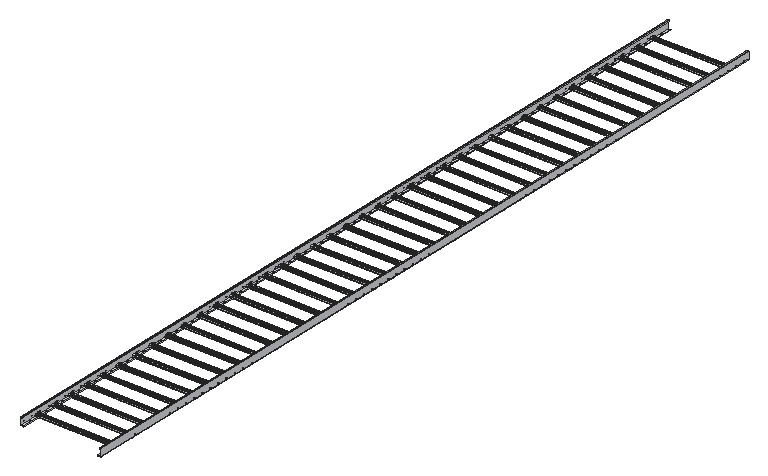
Revit family "Kabelleiter LG 60, 6 m VS FT", category Generic Models, Revit 2017 (continued)
Forms (mm)
  Extrusion 1010, void
    sketch origin (360, 5700, 0) x (1, 0, 0) y (0, 1, 0)
      loop
        line (53.5, 158.5) -> (53.5, 141.5) -> (64.5, 141.5) -> (64.5, 158.5) -> (53.5, 158.5)
    from 1.5 to 3
  Extrusion 1011, void
    sketch origin (360, 300, 0) x (1, 0, 0) y (0, 1, 0)
      loop
        line (75.5, 158.5) -> (75.5, 141.5) -> (82.5, 141.5) -> (82.5, 158.5) -> (75.5, 158.5)
    from 0 to 3
  Extrusion 1012, void
    sketch origin (360, 450, 0) x (1, 0, 0) y (0, 1, 0)
      loop
        line (75.5, 158.5) -> (75.5, 141.5) -> (82.5, 141.5) -> (82.5, 158.5) -> (75.5, 158.5)
    from 0 to 3
  Extrusion 1013, void
    sketch origin (360, 600, 0) x (1, 0, 0) y (0, 1, 0)
      loop
        line (75.5, 158.5) -> (75.5, 141.5) -> (82.5, 141.5) -> (82.5, 158.5) -> (75.5, 158.5)
    from 0 to 3
  Extrusion 1014, void
    sketch origin (360, 750, 0) x (1, 0, 0) y (0, 1, 0)
      loop
        line (75.5, 158.5) -> (75.5, 141.5) -> (82.5, 141.5) -> (82.5, 158.5) -> (75.5, 158.5)
    from 0 to 3
  Extrusion 1015, void
    sketch origin (360, 900, 0) x (1, 0, 0) y (0, 1, 0)
      loop
        line (75.5, 158.5) -> (75.5, 141.5) -> (82.5, 141.5) -> (82.5, 158.5) -> (75.5, 158.5)
    from 0 to 3
  Extrusion 1016, void
    sketch origin (360, 1050, 0) x (1, 0, 0) y (0, 1, 0)
      loop
        line (75.5, 158.5) -> (75.5, 141.5) -> (82.5, 141.5) -> (82.5, 158.5) -> (75.5, 158.5)
    from 0 to 3
  Extrusion 1017, void
    sketch origin (360, 1200, 0) x (1, 0, 0) y (0, 1, 0)
      loop
        line (75.5, 158.5) -> (75.5, 141.5) -> (82.5, 141.5) -> (82.5, 158.5) -> (75.5, 158.5)
    from 0 to 3
  Extrusion 1018, void
    sketch origin (360, 1350, 0) x (1, 0, 0) y (0, 1, 0)
      loop
        line (75.5, 158.5) -> (75.5, 141.5) -> (82.5, 141.5) -> (82.5, 158.5) -> (75.5, 158.5)
    from 0 to 3
  Extrusion 1019, void
    sketch origin (360, 1500, 0) x (1, 0, 0) y (0, 1, 0)
      loop
        line (75.5, 158.5) -> (75.5, 141.5) -> (82.5, 141.5) -> (82.5, 158.5) -> (75.5, 158.5)
    from 0 to 3
  Extrusion 1020, void
    sketch origin (360, 1650, 0) x (1, 0, 0) y (0, 1, 0)
      loop
        line (75.5, 158.5) -> (75.5, 141.5) -> (82.5, 141.5) -> (82.5, 158.5) -> (75.5, 158.5)
    from 0 to 3
  Extrusion 1021, void
    sketch origin (360, 1800, 0) x (1, 0, 0) y (0, 1, 0)
      loop
        line (75.5, 158.5) -> (75.5, 141.5) -> (82.5, 141.5) -> (82.5, 158.5) -> (75.5, 158.5)
    from 0 to 3
  Extrusion 1022, void
    sketch origin (360, 1950, 0) x (1, 0, 0) y (0, 1, 0)
      loop
        line (75.5, 158.5) -> (75.5, 141.5) -> (82.5, 141.5) -> (82.5, 158.5) -> (75.5, 158.5)
    from 0 to 3
  Extrusion 1023, void
    sketch origin (360, 2100, 0) x (1, 0, 0) y (0, 1, 0)
      loop
        line (75.5, 158.5) -> (75.5, 141.5) -> (82.5, 141.5) -> (82.5, 158.5) -> (75.5, 158.5)
    from 0 to 3
  Extrusion 1024, void
    sketch origin (360, 2250, 0) x (1, 0, 0) y (0, 1, 0)
      loop
        line (75.5, 158.5) -> (75.5, 141.5) -> (82.5, 141.5) -> (82.5, 158.5) -> (75.5, 158.5)
    from 0 to 3
  Extrusion 1025, void
    sketch origin (360, 2400, 0) x (1, 0, 0) y (0, 1, 0)
      loop
        line (75.5, 158.5) -> (75.5, 141.5) -> (82.5, 141.5) -> (82.5, 158.5) -> (75.5, 158.5)
    from 0 to 3
  Extrusion 1026, void
    sketch origin (360, 2550, 0) x (1, 0, 0) y (0, 1, 0)
      loop
        line (75.5, 158.5) -> (75.5, 141.5) -> (82.5, 141.5) -> (82.5, 158.5) -> (75.5, 158.5)
    from 0 to 3
  Extrusion 1027, void
    sketch origin (360, 2700, 0) x (1, 0, 0) y (0, 1, 0)
      loop
        line (75.5, 158.5) -> (75.5, 141.5) -> (82.5, 141.5) -> (82.5, 158.5) -> (75.5, 158.5)
    from 0 to 3
  Extrusion 1028, void
    sketch origin (360, 2850, 0) x (1, 0, 0) y (0, 1, 0)
      loop
        line (75.5, 158.5) -> (75.5, 141.5) -> (82.5, 141.5) -> (82.5, 158.5) -> (75.5, 158.5)
    from 0 to 3
  Extrusion 1029, void
    sketch origin (360, 3000, 0) x (1, 0, 0) y (0, 1, 0)
      loop
        line (75.5, 158.5) -> (75.5, 141.5) -> (82.5, 141.5) -> (82.5, 158.5) -> (75.5, 158.5)
    from 0 to 3
  Extrusion 1030, void
    sketch origin (360, 3150, 0) x (1, 0, 0) y (0, 1, 0)
      loop
        line (75.5, 158.5) -> (75.5, 141.5) -> (82.5, 141.5) -> (82.5, 158.5) -> (75.5, 158.5)
    from 0 to 3
  Extrusion 1031, void
    sketch origin (360, 3300, 0) x (1, 0, 0) y (0, 1, 0)
      loop
        line (75.5, 158.5) -> (75.5, 141.5) -> (82.5, 141.5) -> (82.5, 158.5) -> (75.5, 158.5)
    from 0 to 3
  Extrusion 1032, void
    sketch origin (360, 3450, 0) x (1, 0, 0) y (0, 1, 0)
      loop
        line (75.5, 158.5) -> (75.5, 141.5) -> (82.5, 141.5) -> (82.5, 158.5) -> (75.5, 158.5)
    from 0 to 3
  Extrusion 1033, void
    sketch origin (360, 3600, 0) x (1, 0, 0) y (0, 1, 0)
      loop
        line (75.5, 158.5) -> (75.5, 141.5) -> (82.5, 141.5) -> (82.5, 158.5) -> (75.5, 158.5)
    from 0 to 3
  Extrusion 1034, void
    sketch origin (360, 3750, 0) x (1, 0, 0) y (0, 1, 0)
      loop
        line (75.5, 158.5) -> (75.5, 141.5) -> (82.5, 141.5) -> (82.5, 158.5) -> (75.5, 158.5)
    from 0 to 3
  Extrusion 1035, void
    sketch origin (360, 3900, 0) x (1, 0, 0) y (0, 1, 0)
      loop
        line (75.5, 158.5) -> (75.5, 141.5) -> (82.5, 141.5) -> (82.5, 158.5) -> (75.5, 158.5)
    from 0 to 3
  Extrusion 1036, void
    sketch origin (360, 4050, 0) x (1, 0, 0) y (0, 1, 0)
      loop
        line (75.5, 158.5) -> (75.5, 141.5) -> (82.5, 141.5) -> (82.5, 158.5) -> (75.5, 158.5)
    from 0 to 3
  Extrusion 1037, void
    sketch origin (360, 4200, 0) x (1, 0, 0) y (0, 1, 0)
      loop
        line (75.5, 158.5) -> (75.5, 141.5) -> (82.5, 141.5) -> (82.5, 158.5) -> (75.5, 158.5)
    from 0 to 3
  Extrusion 1038, void
    sketch origin (360, 4350, 0) x (1, 0, 0) y (0, 1, 0)
      loop
        line (75.5, 158.5) -> (75.5, 141.5) -> (82.5, 141.5) -> (82.5, 158.5) -> (75.5, 158.5)
    from 0 to 3
  Extrusion 1039, void
    sketch origin (360, 4500, 0) x (1, 0, 0) y (0, 1, 0)
      loop
        line (75.5, 158.5) -> (75.5, 141.5) -> (82.5, 141.5) -> (82.5, 158.5) -> (75.5, 158.5)
    from 0 to 3
  Extrusion 1040, void
    sketch origin (360, 4650, 0) x (1, 0, 0) y (0, 1, 0)
      loop
        line (75.5, 158.5) -> (75.5, 141.5) -> (82.5, 141.5) -> (82.5, 158.5) -> (75.5, 158.5)
    from 0 to 3
  Extrusion 1041, void
    sketch origin (360, 4800, 0) x (1, 0, 0) y (0, 1, 0)
      loop
        line (75.5, 158.5) -> (75.5, 141.5) -> (82.5, 141.5) -> (82.5, 158.5) -> (75.5, 158.5)
    from 0 to 3
  Extrusion 1042, void
    sketch origin (360, 4950, 0) x (1, 0, 0) y (0, 1, 0)
      loop
        line (75.5, 158.5) -> (75.5, 141.5) -> (82.5, 141.5) -> (82.5, 158.5) -> (75.5, 158.5)
    from 0 to 3
  Extrusion 1043, void
    sketch origin (360, 5100, 0) x (1, 0, 0) y (0, 1, 0)
      loop
        line (75.5, 158.5) -> (75.5, 141.5) -> (82.5, 141.5) -> (82.5, 158.5) -> (75.5, 158.5)
    from 0 to 3
  Extrusion 1044, void
    sketch origin (360, 5250, 0) x (1, 0, 0) y (0, 1, 0)
      loop
        line (75.5, 158.5) -> (75.5, 141.5) -> (82.5, 141.5) -> (82.5, 158.5) -> (75.5, 158.5)
    from 0 to 3
  Extrusion 1045, void
    sketch origin (360, 5400, 0) x (1, 0, 0) y (0, 1, 0)
      loop
        line (75.5, 158.5) -> (75.5, 141.5) -> (82.5, 141.5) -> (82.5, 158.5) -> (75.5, 158.5)
    from 0 to 3
  Extrusion 1046, void
    sketch origin (360, 5550, 0) x (1, 0, 0) y (0, 1, 0)
      loop
        line (75.5, 158.5) -> (75.5, 141.5) -> (82.5, 141.5) -> (82.5, 158.5) -> (75.5, 158.5)
    from 0 to 3
  Extrusion 1047, void
    sketch origin (360, 5700, 0) x (1, 0, 0) y (0, 1, 0)
      loop
        line (75.5, 158.5) -> (75.5, 141.5) -> (82.5, 141.5) -> (82.5, 158.5) -> (75.5, 158.5)
    from 0 to 3
  Extrusion 1048, void
    sketch origin (400, 300, 0) x (1, 0, 0) y (0, 1, 0)
      loop
        line (53.5, 158.5) -> (53.5, 141.5) -> (64.5, 141.5) -> (64.5, 158.5) -> (53.5, 158.5)
    from 1.5 to 3
  Extrusion 1049, void
    sketch origin (400, 450, 0) x (1, 0, 0) y (0, 1, 0)
      loop
        line (53.5, 158.5) -> (53.5, 141.5) -> (64.5, 141.5) -> (64.5, 158.5) -> (53.5, 158.5)
    from 1.5 to 3
  Extrusion 1050, void
    sketch origin (400, 600, 0) x (1, 0, 0) y (0, 1, 0)
      loop
        line (53.5, 158.5) -> (53.5, 141.5) -> (64.5, 141.5) -> (64.5, 158.5) -> (53.5, 158.5)
    from 1.5 to 3
  Extrusion 1051, void
    sketch origin (400, 750, 0) x (1, 0, 0) y (0, 1, 0)
      loop
        line (53.5, 158.5) -> (53.5, 141.5) -> (64.5, 141.5) -> (64.5, 158.5) -> (53.5, 158.5)
    from 1.5 to 3
  Extrusion 1052, void
    sketch origin (400, 900, 0) x (1, 0, 0) y (0, 1, 0)
      loop
        line (53.5, 158.5) -> (53.5, 141.5) -> (64.5, 141.5) -> (64.5, 158.5) -> (53.5, 158.5)
    from 1.5 to 3
  Extrusion 1053, void
    sketch origin (400, 1050, 0) x (1, 0, 0) y (0, 1, 0)
      loop
        line (53.5, 158.5) -> (53.5, 141.5) -> (64.5, 141.5) -> (64.5, 158.5) -> (53.5, 158.5)
    from 1.5 to 3
  Extrusion 1054, void
    sketch origin (400, 1200, 0) x (1, 0, 0) y (0, 1, 0)
      loop
        line (53.5, 158.5) -> (53.5, 141.5) -> (64.5, 141.5) -> (64.5, 158.5) -> (53.5, 158.5)
    from 1.5 to 3
  Extrusion 1055, void
    sketch origin (400, 1350, 0) x (1, 0, 0) y (0, 1, 0)
      loop
        line (53.5, 158.5) -> (53.5, 141.5) -> (64.5, 141.5) -> (64.5, 158.5) -> (53.5, 158.5)
    from 1.5 to 3
  Extrusion 1056, void
    sketch origin (400, 1500, 0) x (1, 0, 0) y (0, 1, 0)
      loop
        line (53.5, 158.5) -> (53.5, 141.5) -> (64.5, 141.5) -> (64.5, 158.5) -> (53.5, 158.5)
    from 1.5 to 3
  Extrusion 1057, void
    sketch origin (400, 1650, 0) x (1, 0, 0) y (0, 1, 0)
      loop
        line (53.5, 158.5) -> (53.5, 141.5) -> (64.5, 141.5) -> (64.5, 158.5) -> (53.5, 158.5)
    from 1.5 to 3
  Extrusion 1058, void
    sketch origin (400, 1800, 0) x (1, 0, 0) y (0, 1, 0)
      loop
        line (53.5, 158.5) -> (53.5, 141.5) -> (64.5, 141.5) -> (64.5, 158.5) -> (53.5, 158.5)
    from 1.5 to 3
  Extrusion 1059, void
    sketch origin (400, 1950, 0) x (1, 0, 0) y (0, 1, 0)
      loop
        line (53.5, 158.5) -> (53.5, 141.5) -> (64.5, 141.5) -> (64.5, 158.5) -> (53.5, 158.5)
    from 1.5 to 3
  Extrusion 1060, void
    sketch origin (400, 2100, 0) x (1, 0, 0) y (0, 1, 0)
      loop
        line (53.5, 158.5) -> (53.5, 141.5) -> (64.5, 141.5) -> (64.5, 158.5) -> (53.5, 158.5)
    from 1.5 to 3
  Extrusion 1061, void
    sketch origin (400, 2250, 0) x (1, 0, 0) y (0, 1, 0)
      loop
        line (53.5, 158.5) -> (53.5, 141.5) -> (64.5, 141.5) -> (64.5, 158.5) -> (53.5, 158.5)
    from 1.5 to 3
  Extrusion 1062, void
    sketch origin (400, 2400, 0) x (1, 0, 0) y (0, 1, 0)
      loop
        line (53.5, 158.5) -> (53.5, 141.5) -> (64.5, 141.5) -> (64.5, 158.5) -> (53.5, 158.5)
    from 1.5 to 3
  Extrusion 1063, void
    sketch origin (400, 2550, 0) x (1, 0, 0) y (0, 1, 0)
      loop
        line (53.5, 158.5) -> (53.5, 141.5) -> (64.5, 141.5) -> (64.5, 158.5) -> (53.5, 158.5)
    from 1.5 to 3
  Extrusion 1064, void
    sketch origin (400, 2700, 0) x (1, 0, 0) y (0, 1, 0)
      loop
        line (53.5, 158.5) -> (53.5, 141.5) -> (64.5, 141.5) -> (64.5, 158.5) -> (53.5, 158.5)
    from 1.5 to 3
  Extrusion 1065, void
    sketch origin (400, 2850, 0) x (1, 0, 0) y (0, 1, 0)
      loop
        line (53.5, 158.5) -> (53.5, 141.5) -> (64.5, 141.5) -> (64.5, 158.5) -> (53.5, 158.5)
    from 1.5 to 3
  Extrusion 1066, void
    sketch origin (400, 3000, 0) x (1, 0, 0) y (0, 1, 0)
      loop
        line (53.5, 158.5) -> (53.5, 141.5) -> (64.5, 141.5) -> (64.5, 158.5) -> (53.5, 158.5)
    from 1.5 to 3
  Extrusion 1067, void
    sketch origin (400, 3150, 0) x (1, 0, 0) y (0, 1, 0)
      loop
        line (53.5, 158.5) -> (53.5, 141.5) -> (64.5, 141.5) -> (64.5, 158.5) -> (53.5, 158.5)
    from 1.5 to 3
  Extrusion 1068, void
    sketch origin (400, 3300, 0) x (1, 0, 0) y (0, 1, 0)
      loop
        line (53.5, 158.5) -> (53.5, 141.5) -> (64.5, 141.5) -> (64.5, 158.5) -> (53.5, 158.5)
    from 1.5 to 3
  Extrusion 1069, void
    sketch origin (400, 3450, 0) x (1, 0, 0) y (0, 1, 0)
      loop
        line (53.5, 158.5) -> (53.5, 141.5) -> (64.5, 141.5) -> (64.5, 158.5) -> (53.5, 158.5)
    from 1.5 to 3
  Extrusion 1070, void
    sketch origin (400, 3600, 0) x (1, 0, 0) y (0, 1, 0)
      loop
        line (53.5, 158.5) -> (53.5, 141.5) -> (64.5, 141.5) -> (64.5, 158.5) -> (53.5, 158.5)
    from 1.5 to 3
  Extrusion 1071, void
    sketch origin (400, 3750, 0) x (1, 0, 0) y (0, 1, 0)
      loop
        line (53.5, 158.5) -> (53.5, 141.5) -> (64.5, 141.5) -> (64.5, 158.5) -> (53.5, 158.5)
    from 1.5 to 3
  Extrusion 1072, void
    sketch origin (400, 3900, 0) x (1, 0, 0) y (0, 1, 0)
      loop
        line (53.5, 158.5) -> (53.5, 141.5) -> (64.5, 141.5) -> (64.5, 158.5) -> (53.5, 158.5)
    from 1.5 to 3
  Extrusion 1073, void
    sketch origin (400, 4050, 0) x (1, 0, 0) y (0, 1, 0)
      loop
        line (53.5, 158.5) -> (53.5, 141.5) -> (64.5, 141.5) -> (64.5, 158.5) -> (53.5, 158.5)
    from 1.5 to 3
  Extrusion 1074, void
    sketch origin (400, 4200, 0) x (1, 0, 0) y (0, 1, 0)
      loop
        line (53.5, 158.5) -> (53.5, 141.5) -> (64.5, 141.5) -> (64.5, 158.5) -> (53.5, 158.5)
    from 1.5 to 3
  Extrusion 1075, void
    sketch origin (400, 4350, 0) x (1, 0, 0) y (0, 1, 0)
      loop
        line (53.5, 158.5) -> (53.5, 141.5) -> (64.5, 141.5) -> (64.5, 158.5) -> (53.5, 158.5)
    from 1.5 to 3
  Extrusion 1076, void
    sketch origin (400, 4500, 0) x (1, 0, 0) y (0, 1, 0)
      loop
        line (53.5, 158.5) -> (53.5, 141.5) -> (64.5, 141.5) -> (64.5, 158.5) -> (53.5, 158.5)
    from 1.5 to 3
  Extrusion 1077, void
    sketch origin (400, 4650, 0) x (1, 0, 0) y (0, 1, 0)
      loop
        line (53.5, 158.5) -> (53.5, 141.5) -> (64.5, 141.5) -> (64.5, 158.5) -> (53.5, 158.5)
    from 1.5 to 3
  Extrusion 1078, void
    sketch origin (400, 4800, 0) x (1, 0, 0) y (0, 1, 0)
      loop
        line (53.5, 158.5) -> (53.5, 141.5) -> (64.5, 141.5) -> (64.5, 158.5) -> (53.5, 158.5)
    from 1.5 to 3
  Extrusion 1079, void
    sketch origin (400, 4950, 0) x (1, 0, 0) y (0, 1, 0)
      loop
        line (53.5, 158.5) -> (53.5, 141.5) -> (64.5, 141.5) -> (64.5, 158.5) -> (53.5, 158.5)
    from 1.5 to 3
  Extrusion 1080, void
    sketch origin (400, 5100, 0) x (1, 0, 0) y (0, 1, 0)
      loop
        line (53.5, 158.5) -> (53.5, 141.5) -> (64.5, 141.5) -> (64.5, 158.5) -> (53.5, 158.5)
    from 1.5 to 3
  Extrusion 1081, void
    sketch origin (400, 5250, 0) x (1, 0, 0) y (0, 1, 0)
      loop
        line (53.5, 158.5) -> (53.5, 141.5) -> (64.5, 141.5) -> (64.5, 158.5) -> (53.5, 158.5)
    from 1.5 to 3
  Extrusion 1082, void
    sketch origin (400, 5400, 0) x (1, 0, 0) y (0, 1, 0)
      loop
        line (53.5, 158.5) -> (53.5, 141.5) -> (64.5, 141.5) -> (64.5, 158.5) -> (53.5, 158.5)
    from 1.5 to 3
  Extrusion 1083, void
    sketch origin (400, 5550, 0) x (1, 0, 0) y (0, 1, 0)
      loop
        line (53.5, 158.5) -> (53.5, 141.5) -> (64.5, 141.5) -> (64.5, 158.5) -> (53.5, 158.5)
    from 1.5 to 3
  Extrusion 1084, void
    sketch origin (400, 5700, 0) x (1, 0, 0) y (0, 1, 0)
      loop
        line (53.5, 158.5) -> (53.5, 141.5) -> (64.5, 141.5) -> (64.5, 158.5) -> (53.5, 158.5)
    from 1.5 to 3
  Extrusion 1085, void
    sketch origin (400, 300, 0) x (1, 0, 0) y (0, 1, 0)
      loop
        line (75.5, 158.5) -> (75.5, 141.5) -> (82.5, 141.5) -> (82.5, 158.5) -> (75.5, 158.5)
    from 0 to 3
  Extrusion 1086, void
    sketch origin (400, 450, 0) x (1, 0, 0) y (0, 1, 0)
      loop
        line (75.5, 158.5) -> (75.5, 141.5) -> (82.5, 141.5) -> (82.5, 158.5) -> (75.5, 158.5)
    from 0 to 3
  Extrusion 1087, void
    sketch origin (400, 600, 0) x (1, 0, 0) y (0, 1, 0)
      loop
        line (75.5, 158.5) -> (75.5, 141.5) -> (82.5, 141.5) -> (82.5, 158.5) -> (75.5, 158.5)
    from 0 to 3
  Extrusion 1088, void
    sketch origin (400, 750, 0) x (1, 0, 0) y (0, 1, 0)
      loop
        line (75.5, 158.5) -> (75.5, 141.5) -> (82.5, 141.5) -> (82.5, 158.5) -> (75.5, 158.5)
    from 0 to 3
  Extrusion 1089, void
    sketch origin (400, 900, 0) x (1, 0, 0) y (0, 1, 0)
      loop
        line (75.5, 158.5) -> (75.5, 141.5) -> (82.5, 141.5) -> (82.5, 158.5) -> (75.5, 158.5)
    from 0 to 3
  Extrusion 1090, void
    sketch origin (400, 1050, 0) x (1, 0, 0) y (0, 1, 0)
      loop
        line (75.5, 158.5) -> (75.5, 141.5) -> (82.5, 141.5) -> (82.5, 158.5) -> (75.5, 158.5)
    from 0 to 3
  Extrusion 1091, void
    sketch origin (400, 1200, 0) x (1, 0, 0) y (0, 1, 0)
      loop
        line (75.5, 158.5) -> (75.5, 141.5) -> (82.5, 141.5) -> (82.5, 158.5) -> (75.5, 158.5)
    from 0 to 3
  Extrusion 1092, void
    sketch origin (400, 1350, 0) x (1, 0, 0) y (0, 1, 0)
      loop
        line (75.5, 158.5) -> (75.5, 141.5) -> (82.5, 141.5) -> (82.5, 158.5) -> (75.5, 158.5)
    from 0 to 3
  Extrusion 1093, void
    sketch origin (400, 1500, 0) x (1, 0, 0) y (0, 1, 0)
      loop
        line (75.5, 158.5) -> (75.5, 141.5) -> (82.5, 141.5) -> (82.5, 158.5) -> (75.5, 158.5)
    from 0 to 3
  Extrusion 1094, void
    sketch origin (400, 1650, 0) x (1, 0, 0) y (0, 1, 0)
      loop
        line (75.5, 158.5) -> (75.5, 141.5) -> (82.5, 141.5) -> (82.5, 158.5) -> (75.5, 158.5)
    from 0 to 3
  Extrusion 1095, void
    sketch origin (400, 1800, 0) x (1, 0, 0) y (0, 1, 0)
      loop
        line (75.5, 158.5) -> (75.5, 141.5) -> (82.5, 141.5) -> (82.5, 158.5) -> (75.5, 158.5)
    from 0 to 3
  Extrusion 1096, void
    sketch origin (400, 1950, 0) x (1, 0, 0) y (0, 1, 0)
      loop
        line (75.5, 158.5) -> (75.5, 141.5) -> (82.5, 141.5) -> (82.5, 158.5) -> (75.5, 158.5)
    from 0 to 3
  Extrusion 1097, void
    sketch origin (400, 2100, 0) x (1, 0, 0) y (0, 1, 0)
      loop
        line (75.5, 158.5) -> (75.5, 141.5) -> (82.5, 141.5) -> (82.5, 158.5) -> (75.5, 158.5)
    from 0 to 3
  Extrusion 1098, void
    sketch origin (400, 2250, 0) x (1, 0, 0) y (0, 1, 0)
      loop
        line (75.5, 158.5) -> (75.5, 141.5) -> (82.5, 141.5) -> (82.5, 158.5) -> (75.5, 158.5)
    from 0 to 3
  Extrusion 1099, void
    sketch origin (400, 2400, 0) x (1, 0, 0) y (0, 1, 0)
      loop
        line (75.5, 158.5) -> (75.5, 141.5) -> (82.5, 141.5) -> (82.5, 158.5) -> (75.5, 158.5)
    from 0 to 3
  Extrusion 1100, void
    sketch origin (400, 2550, 0) x (1, 0, 0) y (0, 1, 0)
      loop
        line (75.5, 158.5) -> (75.5, 141.5) -> (82.5, 141.5) -> (82.5, 158.5) -> (75.5, 158.5)
    from 0 to 3
  Extrusion 1101, void
    sketch origin (400, 2700, 0) x (1, 0, 0) y (0, 1, 0)
      loop
        line (75.5, 158.5) -> (75.5, 141.5) -> (82.5, 141.5) -> (82.5, 158.5) -> (75.5, 158.5)
    from 0 to 3
  Extrusion 1102, void
    sketch origin (400, 2850, 0) x (1, 0, 0) y (0, 1, 0)
      loop
        line (75.5, 158.5) -> (75.5, 141.5) -> (82.5, 141.5) -> (82.5, 158.5) -> (75.5, 158.5)
    from 0 to 3
  Extrusion 1103, void
    sketch origin (400, 3000, 0) x (1, 0, 0) y (0, 1, 0)
      loop
        line (75.5, 158.5) -> (75.5, 141.5) -> (82.5, 141.5) -> (82.5, 158.5) -> (75.5, 158.5)
    from 0 to 3
  Extrusion 1104, void
    sketch origin (400, 3150, 0) x (1, 0, 0) y (0, 1, 0)
      loop
        line (75.5, 158.5) -> (75.5, 141.5) -> (82.5, 141.5) -> (82.5, 158.5) -> (75.5, 158.5)
    from 0 to 3
  Extrusion 1105, void
    sketch origin (400, 3300, 0) x (1, 0, 0) y (0, 1, 0)
      loop
        line (75.5, 158.5) -> (75.5, 141.5) -> (82.5, 141.5) -> (82.5, 158.5) -> (75.5, 158.5)
    from 0 to 3
  Extrusion 1106, void
    sketch origin (400, 3450, 0) x (1, 0, 0) y (0, 1, 0)
      loop
        line (75.5, 158.5) -> (75.5, 141.5) -> (82.5, 141.5) -> (82.5, 158.5) -> (75.5, 158.5)
    from 0 to 3
  Extrusion 1107, void
    sketch origin (400, 3600, 0) x (1, 0, 0) y (0, 1, 0)
      loop
        line (75.5, 158.5) -> (75.5, 141.5) -> (82.5, 141.5) -> (82.5, 158.5) -> (75.5, 158.5)
    from 0 to 3
  Extrusion 1108, void
    sketch origin (400, 3750, 0) x (1, 0, 0) y (0, 1, 0)
      loop
        line (75.5, 158.5) -> (75.5, 141.5) -> (82.5, 141.5) -> (82.5, 158.5) -> (75.5, 158.5)
    from 0 to 3
  Extrusion 1109, void
    sketch origin (400, 3900, 0) x (1, 0, 0) y (0, 1, 0)
      loop
        line (75.5, 158.5) -> (75.5, 141.5) -> (82.5, 141.5) -> (82.5, 158.5) -> (75.5, 158.5)
    from 0 to 3
  Extrusion 1110, void
    sketch origin (400, 4050, 0) x (1, 0, 0) y (0, 1, 0)
      loop
        line (75.5, 158.5) -> (75.5, 141.5) -> (82.5, 141.5) -> (82.5, 158.5) -> (75.5, 158.5)
    from 0 to 3
  Extrusion 1111, void
    sketch origin (400, 4200, 0) x (1, 0, 0) y (0, 1, 0)
      loop
        line (75.5, 158.5) -> (75.5, 141.5) -> (82.5, 141.5) -> (82.5, 158.5) -> (75.5, 158.5)
    from 0 to 3
  Extrusion 1112, void
    sketch origin (400, 4350, 0) x (1, 0, 0) y (0, 1, 0)
      loop
        line (75.5, 158.5) -> (75.5, 141.5) -> (82.5, 141.5) -> (82.5, 158.5) -> (75.5, 158.5)
    from 0 to 3
  Extrusion 1113, void
    sketch origin (400, 4500, 0) x (1, 0, 0) y (0, 1, 0)
      loop
        line (75.5, 158.5) -> (75.5, 141.5) -> (82.5, 141.5) -> (82.5, 158.5) -> (75.5, 158.5)
    from 0 to 3
  Extrusion 1114, void
    sketch origin (400, 4650, 0) x (1, 0, 0) y (0, 1, 0)
      loop
        line (75.5, 158.5) -> (75.5, 141.5) -> (82.5, 141.5) -> (82.5, 158.5) -> (75.5, 158.5)
    from 0 to 3
  Extrusion 1115, void
    sketch origin (400, 4800, 0) x (1, 0, 0) y (0, 1, 0)
      loop
        line (75.5, 158.5) -> (75.5, 141.5) -> (82.5, 141.5) -> (82.5, 158.5) -> (75.5, 158.5)
    from 0 to 3
  Extrusion 1116, void
    sketch origin (400, 4950, 0) x (1, 0, 0) y (0, 1, 0)
      loop
        line (75.5, 158.5) -> (75.5, 141.5) -> (82.5, 141.5) -> (82.5, 158.5) -> (75.5, 158.5)
    from 0 to 3
  Extrusion 1117, void
    sketch origin (400, 5100, 0) x (1, 0, 0) y (0, 1, 0)
      loop
        line (75.5, 158.5) -> (75.5, 141.5) -> (82.5, 141.5) -> (82.5, 158.5) -> (75.5, 158.5)
    from 0 to 3
  Extrusion 1118, void
    sketch origin (400, 5250, 0) x (1, 0, 0) y (0, 1, 0)
      loop
        line (75.5, 158.5) -> (75.5, 141.5) -> (82.5, 141.5) -> (82.5, 158.5) -> (75.5, 158.5)
    from 0 to 3
  Extrusion 1119, void
    sketch origin (400, 5400, 0) x (1, 0, 0) y (0, 1, 0)
      loop
        line (75.5, 158.5) -> (75.5, 141.5) -> (82.5, 141.5) -> (82.5, 158.5) -> (75.5, 158.5)
    from 0 to 3
  Extrusion 1120, void
    sketch origin (400, 5550, 0) x (1, 0, 0) y (0, 1, 0)
      loop
        line (75.5, 158.5) -> (75.5, 141.5) -> (82.5, 141.5) -> (82.5, 158.5) -> (75.5, 158.5)
    from 0 to 3
  Extrusion 1121, void
    sketch origin (400, 5700, 0) x (1, 0, 0) y (0, 1, 0)
      loop
        line (75.5, 158.5) -> (75.5, 141.5) -> (82.5, 141.5) -> (82.5, 158.5) -> (75.5, 158.5)
    from 0 to 3
  Extrusion 1122, void
    sketch origin (440, 300, 0) x (1, 0, 0) y (0, 1, 0)
      loop
        line (53.5, 158.5) -> (53.5, 141.5) -> (64.5, 141.5) -> (64.5, 158.5) -> (53.5, 158.5)
    from 1.5 to 3
  Extrusion 1123, void
    sketch origin (440, 450, 0) x (1, 0, 0) y (0, 1, 0)
      loop
        line (53.5, 158.5) -> (53.5, 141.5) -> (64.5, 141.5) -> (64.5, 158.5) -> (53.5, 158.5)
    from 1.5 to 3
  Extrusion 1124, void
    sketch origin (440, 600, 0) x (1, 0, 0) y (0, 1, 0)
      loop
        line (53.5, 158.5) -> (53.5, 141.5) -> (64.5, 141.5) -> (64.5, 158.5) -> (53.5, 158.5)
    from 1.5 to 3
  Extrusion 1125, void
    sketch origin (440, 750, 0) x (1, 0, 0) y (0, 1, 0)
      loop
        line (53.5, 158.5) -> (53.5, 141.5) -> (64.5, 141.5) -> (64.5, 158.5) -> (53.5, 158.5)
    from 1.5 to 3
  Extrusion 1126, void
    sketch origin (440, 900, 0) x (1, 0, 0) y (0, 1, 0)
      loop
        line (53.5, 158.5) -> (53.5, 141.5) -> (64.5, 141.5) -> (64.5, 158.5) -> (53.5, 158.5)
    from 1.5 to 3
  Extrusion 1127, void
    sketch origin (440, 1050, 0) x (1, 0, 0) y (0, 1, 0)
      loop
        line (53.5, 158.5) -> (53.5, 141.5) -> (64.5, 141.5) -> (64.5, 158.5) -> (53.5, 158.5)
    from 1.5 to 3
  Extrusion 1128, void
    sketch origin (440, 1200, 0) x (1, 0, 0) y (0, 1, 0)
      loop
        line (53.5, 158.5) -> (53.5, 141.5) -> (64.5, 141.5) -> (64.5, 158.5) -> (53.5, 158.5)
    from 1.5 to 3
  Extrusion 1129, void
    sketch origin (440, 1350, 0) x (1, 0, 0) y (0, 1, 0)
      loop
        line (53.5, 158.5) -> (53.5, 141.5) -> (64.5, 141.5) -> (64.5, 158.5) -> (53.5, 158.5)
    from 1.5 to 3
  Extrusion 1130, void
    sketch origin (440, 1500, 0) x (1, 0, 0) y (0, 1, 0)
      loop
        line (53.5, 158.5) -> (53.5, 141.5) -> (64.5, 141.5) -> (64.5, 158.5) -> (53.5, 158.5)
    from 1.5 to 3
  Extrusion 1131, void
    sketch origin (440, 1650, 0) x (1, 0, 0) y (0, 1, 0)
      loop
        line (53.5, 158.5) -> (53.5, 141.5) -> (64.5, 141.5) -> (64.5, 158.5) -> (53.5, 158.5)
    from 1.5 to 3
  Extrusion 1132, void
    sketch origin (440, 1800, 0) x (1, 0, 0) y (0, 1, 0)
      loop
        line (53.5, 158.5) -> (53.5, 141.5) -> (64.5, 141.5) -> (64.5, 158.5) -> (53.5, 158.5)
    from 1.5 to 3
  Extrusion 1133, void
    sketch origin (440, 1950, 0) x (1, 0, 0) y (0, 1, 0)
      loop
        line (53.5, 158.5) -> (53.5, 141.5) -> (64.5, 141.5) -> (64.5, 158.5) -> (53.5, 158.5)
    from 1.5 to 3
  Extrusion 1134, void
    sketch origin (440, 2100, 0) x (1, 0, 0) y (0, 1, 0)
      loop
        line (53.5, 158.5) -> (53.5, 141.5) -> (64.5, 141.5) -> (64.5, 158.5) -> (53.5, 158.5)
    from 1.5 to 3
  Extrusion 1135, void
    sketch origin (440, 2250, 0) x (1, 0, 0) y (0, 1, 0)
      loop
        line (53.5, 158.5) -> (53.5, 141.5) -> (64.5, 141.5) -> (64.5, 158.5) -> (53.5, 158.5)
    from 1.5 to 3
  Extrusion 1136, void
    sketch origin (440, 2400, 0) x (1, 0, 0) y (0, 1, 0)
      loop
        line (53.5, 158.5) -> (53.5, 141.5) -> (64.5, 141.5) -> (64.5, 158.5) -> (53.5, 158.5)
    from 1.5 to 3
  Extrusion 1137, void
    sketch origin (440, 2550, 0) x (1, 0, 0) y (0, 1, 0)
      loop
        line (53.5, 158.5) -> (53.5, 141.5) -> (64.5, 141.5) -> (64.5, 158.5) -> (53.5, 158.5)
    from 1.5 to 3
  Extrusion 1138, void
    sketch origin (440, 2700, 0) x (1, 0, 0) y (0, 1, 0)
      loop
        line (53.5, 158.5) -> (53.5, 141.5) -> (64.5, 141.5) -> (64.5, 158.5) -> (53.5, 158.5)
    from 1.5 to 3
  Extrusion 1139, void
    sketch origin (440, 2850, 0) x (1, 0, 0) y (0, 1, 0)
      loop
        line (53.5, 158.5) -> (53.5, 141.5) -> (64.5, 141.5) -> (64.5, 158.5) -> (53.5, 158.5)
    from 1.5 to 3
  Extrusion 1140, void
    sketch origin (440, 3000, 0) x (1, 0, 0) y (0, 1, 0)
      loop
        line (53.5, 158.5) -> (53.5, 141.5) -> (64.5, 141.5) -> (64.5, 158.5) -> (53.5, 158.5)
    from 1.5 to 3
  Extrusion 1141, void
    sketch origin (440, 3150, 0) x (1, 0, 0) y (0, 1, 0)
      loop
        line (53.5, 158.5) -> (53.5, 141.5) -> (64.5, 141.5) -> (64.5, 158.5) -> (53.5, 158.5)
    from 1.5 to 3
  Extrusion 1142, void
    sketch origin (440, 3300, 0) x (1, 0, 0) y (0, 1, 0)
      loop
        line (53.5, 158.5) -> (53.5, 141.5) -> (64.5, 141.5) -> (64.5, 158.5) -> (53.5, 158.5)
    from 1.5 to 3
  Extrusion 1143, void
    sketch origin (440, 3450, 0) x (1, 0, 0) y (0, 1, 0)
      loop
        line (53.5, 158.5) -> (53.5, 141.5) -> (64.5, 141.5) -> (64.5, 158.5) -> (53.5, 158.5)
    from 1.5 to 3
  Extrusion 1144, void
    sketch origin (440, 3600, 0) x (1, 0, 0) y (0, 1, 0)
      loop
        line (53.5, 158.5) -> (53.5, 141.5) -> (64.5, 141.5) -> (64.5, 158.5) -> (53.5, 158.5)
    from 1.5 to 3
  Extrusion 1145, void
    sketch origin (440, 3750, 0) x (1, 0, 0) y (0, 1, 0)
      loop
        line (53.5, 158.5) -> (53.5, 141.5) -> (64.5, 141.5) -> (64.5, 158.5) -> (53.5, 158.5)
    from 1.5 to 3
  Extrusion 1146, void
    sketch origin (440, 3900, 0) x (1, 0, 0) y (0, 1, 0)
      loop
        line (53.5, 158.5) -> (53.5, 141.5) -> (64.5, 141.5) -> (64.5, 158.5) -> (53.5, 158.5)
    from 1.5 to 3
  Extrusion 1147, void
    sketch origin (440, 4050, 0) x (1, 0, 0) y (0, 1, 0)
      loop
        line (53.5, 158.5) -> (53.5, 141.5) -> (64.5, 141.5) -> (64.5, 158.5) -> (53.5, 158.5)
    from 1.5 to 3
  Extrusion 1148, void
    sketch origin (440, 4200, 0) x (1, 0, 0) y (0, 1, 0)
      loop
        line (53.5, 158.5) -> (53.5, 141.5) -> (64.5, 141.5) -> (64.5, 158.5) -> (53.5, 158.5)
    from 1.5 to 3
  Extrusion 1149, void
    sketch origin (440, 4350, 0) x (1, 0, 0) y (0, 1, 0)
      loop
        line (53.5, 158.5) -> (53.5, 141.5) -> (64.5, 141.5) -> (64.5, 158.5) -> (53.5, 158.5)
    from 1.5 to 3
  Extrusion 1150, void
    sketch origin (440, 4500, 0) x (1, 0, 0) y (0, 1, 0)
      loop
        line (53.5, 158.5) -> (53.5, 141.5) -> (64.5, 141.5) -> (64.5, 158.5) -> (53.5, 158.5)
    from 1.5 to 3
  Extrusion 1151, void
    sketch origin (440, 4650, 0) x (1, 0, 0) y (0, 1, 0)
      loop
        line (53.5, 158.5) -> (53.5, 141.5) -> (64.5, 141.5) -> (64.5, 158.5) -> (53.5, 158.5)
    from 1.5 to 3
  Extrusion 1152, void
    sketch origin (440, 4800, 0) x (1, 0, 0) y (0, 1, 0)
      loop
        line (53.5, 158.5) -> (53.5, 141.5) -> (64.5, 141.5) -> (64.5, 158.5) -> (53.5, 158.5)
    from 1.5 to 3
  Extrusion 1153, void
    sketch origin (440, 4950, 0) x (1, 0, 0) y (0, 1, 0)
      loop
        line (53.5, 158.5) -> (53.5, 141.5) -> (64.5, 141.5) -> (64.5, 158.5) -> (53.5, 158.5)
    from 1.5 to 3
  Extrusion 1154, void
    sketch origin (440, 5100, 0) x (1, 0, 0) y (0, 1, 0)
      loop
        line (53.5, 158.5) -> (53.5, 141.5) -> (64.5, 141.5) -> (64.5, 158.5) -> (53.5, 158.5)
    from 1.5 to 3
  Extrusion 1155, void
    sketch origin (440, 5250, 0) x (1, 0, 0) y (0, 1, 0)
      loop
        line (53.5, 158.5) -> (53.5, 141.5) -> (64.5, 141.5) -> (64.5, 158.5) -> (53.5, 158.5)
    from 1.5 to 3
  Extrusion 1156, void
    sketch origin (440, 5400, 0) x (1, 0, 0) y (0, 1, 0)
      loop
        line (53.5, 158.5) -> (53.5, 141.5) -> (64.5, 141.5) -> (64.5, 158.5) -> (53.5, 158.5)
    from 1.5 to 3
  Extrusion 1157, void
    sketch origin (440, 5550, 0) x (1, 0, 0) y (0, 1, 0)
      loop
        line (53.5, 158.5) -> (53.5, 141.5) -> (64.5, 141.5) -> (64.5, 158.5) -> (53.5, 158.5)
    from 1.5 to 3
  Extrusion 1158, void
    sketch origin (440, 5700, 0) x (1, 0, 0) y (0, 1, 0)
      loop
        line (53.5, 158.5) -> (53.5, 141.5) -> (64.5, 141.5) -> (64.5, 158.5) -> (53.5, 158.5)
    from 1.5 to 3
  Extrusion 1159, void
    sketch origin (440, 300, 0) x (1, 0, 0) y (0, 1, 0)
      loop
        line (75.5, 158.5) -> (75.5, 141.5) -> (82.5, 141.5) -> (82.5, 158.5) -> (75.5, 158.5)
    from 0 to 3
  Extrusion 1160, void
    sketch origin (440, 450, 0) x (1, 0, 0) y (0, 1, 0)
      loop
        line (75.5, 158.5) -> (75.5, 141.5) -> (82.5, 141.5) -> (82.5, 158.5) -> (75.5, 158.5)
    from 0 to 3
  Extrusion 1161, void
    sketch origin (440, 600, 0) x (1, 0, 0) y (0, 1, 0)
      loop
        line (75.5, 158.5) -> (75.5, 141.5) -> (82.5, 141.5) -> (82.5, 158.5) -> (75.5, 158.5)
    from 0 to 3
  Extrusion 1162, void
    sketch origin (440, 750, 0) x (1, 0, 0) y (0, 1, 0)
      loop
        line (75.5, 158.5) -> (75.5, 141.5) -> (82.5, 141.5) -> (82.5, 158.5) -> (75.5, 158.5)
    from 0 to 3
  Extrusion 1163, void
    sketch origin (440, 900, 0) x (1, 0, 0) y (0, 1, 0)
      loop
        line (75.5, 158.5) -> (75.5, 141.5) -> (82.5, 141.5) -> (82.5, 158.5) -> (75.5, 158.5)
    from 0 to 3
  Extrusion 1164, void
    sketch origin (440, 1050, 0) x (1, 0, 0) y (0, 1, 0)
      loop
        line (75.5, 158.5) -> (75.5, 141.5) -> (82.5, 141.5) -> (82.5, 158.5) -> (75.5, 158.5)
    from 0 to 3
  Extrusion 1165, void
    sketch origin (440, 1200, 0) x (1, 0, 0) y (0, 1, 0)
      loop
        line (75.5, 158.5) -> (75.5, 141.5) -> (82.5, 141.5) -> (82.5, 158.5) -> (75.5, 158.5)
    from 0 to 3
  Extrusion 1166, void
    sketch origin (440, 1350, 0) x (1, 0, 0) y (0, 1, 0)
      loop
        line (75.5, 158.5) -> (75.5, 141.5) -> (82.5, 141.5) -> (82.5, 158.5) -> (75.5, 158.5)
    from 0 to 3
  Extrusion 1167, void
    sketch origin (440, 1500, 0) x (1, 0, 0) y (0, 1, 0)
      loop
        line (75.5, 158.5) -> (75.5, 141.5) -> (82.5, 141.5) -> (82.5, 158.5) -> (75.5, 158.5)
    from 0 to 3
  Extrusion 1168, void
    sketch origin (440, 1650, 0) x (1, 0, 0) y (0, 1, 0)
      loop
        line (75.5, 158.5) -> (75.5, 141.5) -> (82.5, 141.5) -> (82.5, 158.5) -> (75.5, 158.5)
    from 0 to 3
  Extrusion 1169, void
    sketch origin (440, 1800, 0) x (1, 0, 0) y (0, 1, 0)
      loop
        line (75.5, 158.5) -> (75.5, 141.5) -> (82.5, 141.5) -> (82.5, 158.5) -> (75.5, 158.5)
    from 0 to 3
  Extrusion 1170, void
    sketch origin (440, 1950, 0) x (1, 0, 0) y (0, 1, 0)
      loop
        line (75.5, 158.5) -> (75.5, 141.5) -> (82.5, 141.5) -> (82.5, 158.5) -> (75.5, 158.5)
    from 0 to 3
  Extrusion 1171, void
    sketch origin (440, 2100, 0) x (1, 0, 0) y (0, 1, 0)
      loop
        line (75.5, 158.5) -> (75.5, 141.5) -> (82.5, 141.5) -> (82.5, 158.5) -> (75.5, 158.5)
    from 0 to 3
  Extrusion 1172, void
    sketch origin (440, 2250, 0) x (1, 0, 0) y (0, 1, 0)
      loop
        line (75.5, 158.5) -> (75.5, 141.5) -> (82.5, 141.5) -> (82.5, 158.5) -> (75.5, 158.5)
    from 0 to 3
  Extrusion 1173, void
    sketch origin (440, 2400, 0) x (1, 0, 0) y (0, 1, 0)
      loop
        line (75.5, 158.5) -> (75.5, 141.5) -> (82.5, 141.5) -> (82.5, 158.5) -> (75.5, 158.5)
    from 0 to 3
  Extrusion 1174, void
    sketch origin (440, 2550, 0) x (1, 0, 0) y (0, 1, 0)
      loop
        line (75.5, 158.5) -> (75.5, 141.5) -> (82.5, 141.5) -> (82.5, 158.5) -> (75.5, 158.5)
    from 0 to 3
  Extrusion 1175, void
    sketch origin (440, 2700, 0) x (1, 0, 0) y (0, 1, 0)
      loop
        line (75.5, 158.5) -> (75.5, 141.5) -> (82.5, 141.5) -> (82.5, 158.5) -> (75.5, 158.5)
    from 0 to 3
  Extrusion 1176, void
    sketch origin (440, 2850, 0) x (1, 0, 0) y (0, 1, 0)
      loop
        line (75.5, 158.5) -> (75.5, 141.5) -> (82.5, 141.5) -> (82.5, 158.5) -> (75.5, 158.5)
    from 0 to 3
  Extrusion 1177, void
    sketch origin (440, 3000, 0) x (1, 0, 0) y (0, 1, 0)
      loop
        line (75.5, 158.5) -> (75.5, 141.5) -> (82.5, 141.5) -> (82.5, 158.5) -> (75.5, 158.5)
    from 0 to 3
  Extrusion 1178, void
    sketch origin (440, 3150, 0) x (1, 0, 0) y (0, 1, 0)
      loop
        line (75.5, 158.5) -> (75.5, 141.5) -> (82.5, 141.5) -> (82.5, 158.5) -> (75.5, 158.5)
    from 0 to 3
  Extrusion 1179, void
    sketch origin (440, 3300, 0) x (1, 0, 0) y (0, 1, 0)
      loop
        line (75.5, 158.5) -> (75.5, 141.5) -> (82.5, 141.5) -> (82.5, 158.5) -> (75.5, 158.5)
    from 0 to 3
  Extrusion 1180, void
    sketch origin (440, 3450, 0) x (1, 0, 0) y (0, 1, 0)
      loop
        line (75.5, 158.5) -> (75.5, 141.5) -> (82.5, 141.5) -> (82.5, 158.5) -> (75.5, 158.5)
    from 0 to 3
  Extrusion 1181, void
    sketch origin (440, 3600, 0) x (1, 0, 0) y (0, 1, 0)
      loop
        line (75.5, 158.5) -> (75.5, 141.5) -> (82.5, 141.5) -> (82.5, 158.5) -> (75.5, 158.5)
    from 0 to 3
  Extrusion 1182, void
    sketch origin (440, 3750, 0) x (1, 0, 0) y (0, 1, 0)
      loop
        line (75.5, 158.5) -> (75.5, 141.5) -> (82.5, 141.5) -> (82.5, 158.5) -> (75.5, 158.5)
    from 0 to 3
  Extrusion 1183, void
    sketch origin (440, 3900, 0) x (1, 0, 0) y (0, 1, 0)
      loop
        line (75.5, 158.5) -> (75.5, 141.5) -> (82.5, 141.5) -> (82.5, 158.5) -> (75.5, 158.5)
    from 0 to 3
  Extrusion 1184, void
    sketch origin (440, 4050, 0) x (1, 0, 0) y (0, 1, 0)
      loop
        line (75.5, 158.5) -> (75.5, 141.5) -> (82.5, 141.5) -> (82.5, 158.5) -> (75.5, 158.5)
    from 0 to 3
  Extrusion 1185, void
    sketch origin (440, 4200, 0) x (1, 0, 0) y (0, 1, 0)
      loop
        line (75.5, 158.5) -> (75.5, 141.5) -> (82.5, 141.5) -> (82.5, 158.5) -> (75.5, 158.5)
    from 0 to 3
  Extrusion 1186, void
    sketch origin (440, 4350, 0) x (1, 0, 0) y (0, 1, 0)
      loop
        line (75.5, 158.5) -> (75.5, 141.5) -> (82.5, 141.5) -> (82.5, 158.5) -> (75.5, 158.5)
    from 0 to 3
  Extrusion 1187, void
    sketch origin (440, 4500, 0) x (1, 0, 0) y (0, 1, 0)
      loop
        line (75.5, 158.5) -> (75.5, 141.5) -> (82.5, 141.5) -> (82.5, 158.5) -> (75.5, 158.5)
    from 0 to 3
  Extrusion 1188, void
    sketch origin (440, 4650, 0) x (1, 0, 0) y (0, 1, 0)
      loop
        line (75.5, 158.5) -> (75.5, 141.5) -> (82.5, 141.5) -> (82.5, 158.5) -> (75.5, 158.5)
    from 0 to 3
  Extrusion 1189, void
    sketch origin (440, 4800, 0) x (1, 0, 0) y (0, 1, 0)
      loop
        line (75.5, 158.5) -> (75.5, 141.5) -> (82.5, 141.5) -> (82.5, 158.5) -> (75.5, 158.5)
    from 0 to 3
  Extrusion 1190, void
    sketch origin (440, 4950, 0) x (1, 0, 0) y (0, 1, 0)
      loop
        line (75.5, 158.5) -> (75.5, 141.5) -> (82.5, 141.5) -> (82.5, 158.5) -> (75.5, 158.5)
    from 0 to 3
  Extrusion 1191, void
    sketch origin (440, 5100, 0) x (1, 0, 0) y (0, 1, 0)
      loop
        line (75.5, 158.5) -> (75.5, 141.5) -> (82.5, 141.5) -> (82.5, 158.5) -> (75.5, 158.5)
    from 0 to 3
  Extrusion 1192, void
    sketch origin (440, 5250, 0) x (1, 0, 0) y (0, 1, 0)
      loop
        line (75.5, 158.5) -> (75.5, 141.5) -> (82.5, 141.5) -> (82.5, 158.5) -> (75.5, 158.5)
    from 0 to 3
  Extrusion 1193, void
    sketch origin (440, 5400, 0) x (1, 0, 0) y (0, 1, 0)
      loop
        line (75.5, 158.5) -> (75.5, 141.5) -> (82.5, 141.5) -> (82.5, 158.5) -> (75.5, 158.5)
    from 0 to 3
  Extrusion 1194, void
    sketch origin (440, 5550, 0) x (1, 0, 0) y (0, 1, 0)
      loop
        line (75.5, 158.5) -> (75.5, 141.5) -> (82.5, 141.5) -> (82.5, 158.5) -> (75.5, 158.5)
    from 0 to 3
  Extrusion 1195, void
    sketch origin (440, 5700, 0) x (1, 0, 0) y (0, 1, 0)
      loop
        line (75.5, 158.5) -> (75.5, 141.5) -> (82.5, 141.5) -> (82.5, 158.5) -> (75.5, 158.5)
    from 0 to 3
  Extrusion 1196, void
    sketch origin (480, 300, 0) x (1, 0, 0) y (0, 1, 0)
      loop
        line (53.5, 158.5) -> (53.5, 141.5) -> (64.5, 141.5) -> (64.5, 158.5) -> (53.5, 158.5)
    from 1.5 to 3
  Extrusion 1197, void
    sketch origin (480, 450, 0) x (1, 0, 0) y (0, 1, 0)
      loop
        line (53.5, 158.5) -> (53.5, 141.5) -> (64.5, 141.5) -> (64.5, 158.5) -> (53.5, 158.5)
    from 1.5 to 3
  Extrusion 1198, void
    sketch origin (480, 600, 0) x (1, 0, 0) y (0, 1, 0)
      loop
        line (53.5, 158.5) -> (53.5, 141.5) -> (64.5, 141.5) -> (64.5, 158.5) -> (53.5, 158.5)
    from 1.5 to 3
  Extrusion 1199, void
    sketch origin (480, 750, 0) x (1, 0, 0) y (0, 1, 0)
      loop
        line (53.5, 158.5) -> (53.5, 141.5) -> (64.5, 141.5) -> (64.5, 158.5) -> (53.5, 158.5)
    from 1.5 to 3
  Extrusion 1200, void
    sketch origin (480, 900, 0) x (1, 0, 0) y (0, 1, 0)
      loop
        line (53.5, 158.5) -> (53.5, 141.5) -> (64.5, 141.5) -> (64.5, 158.5) -> (53.5, 158.5)
    from 1.5 to 3
  Extrusion 1201, void
    sketch origin (480, 1050, 0) x (1, 0, 0) y (0, 1, 0)
      loop
        line (53.5, 158.5) -> (53.5, 141.5) -> (64.5, 141.5) -> (64.5, 158.5) -> (53.5, 158.5)
    from 1.5 to 3
  Extrusion 1202, void
    sketch origin (480, 1200, 0) x (1, 0, 0) y (0, 1, 0)
      loop
        line (53.5, 158.5) -> (53.5, 141.5) -> (64.5, 141.5) -> (64.5, 158.5) -> (53.5, 158.5)
    from 1.5 to 3
  Extrusion 1203, void
    sketch origin (480, 1350, 0) x (1, 0, 0) y (0, 1, 0)
      loop
        line (53.5, 158.5) -> (53.5, 141.5) -> (64.5, 141.5) -> (64.5, 158.5) -> (53.5, 158.5)
    from 1.5 to 3
  Extrusion 1204, void
    sketch origin (480, 1500, 0) x (1, 0, 0) y (0, 1, 0)
      loop
        line (53.5, 158.5) -> (53.5, 141.5) -> (64.5, 141.5) -> (64.5, 158.5) -> (53.5, 158.5)
    from 1.5 to 3
  Extrusion 1205, void
    sketch origin (480, 1650, 0) x (1, 0, 0) y (0, 1, 0)
      loop
        line (53.5, 158.5) -> (53.5, 141.5) -> (64.5, 141.5) -> (64.5, 158.5) -> (53.5, 158.5)
    from 1.5 to 3
  Extrusion 1206, void
    sketch origin (480, 1800, 0) x (1, 0, 0) y (0, 1, 0)
      loop
        line (53.5, 158.5) -> (53.5, 141.5) -> (64.5, 141.5) -> (64.5, 158.5) -> (53.5, 158.5)
    from 1.5 to 3
  Extrusion 1207, void
    sketch origin (480, 1950, 0) x (1, 0, 0) y (0, 1, 0)
      loop
        line (53.5, 158.5) -> (53.5, 141.5) -> (64.5, 141.5) -> (64.5, 158.5) -> (53.5, 158.5)
    from 1.5 to 3
  Extrusion 1208, void
    sketch origin (480, 2100, 0) x (1, 0, 0) y (0, 1, 0)
      loop
        line (53.5, 158.5) -> (53.5, 141.5) -> (64.5, 141.5) -> (64.5, 158.5) -> (53.5, 158.5)
    from 1.5 to 3
  Extrusion 1209, void
    sketch origin (480, 2250, 0) x (1, 0, 0) y (0, 1, 0)
      loop
        line (53.5, 158.5) -> (53.5, 141.5) -> (64.5, 141.5) -> (64.5, 158.5) -> (53.5, 158.5)
    from 1.5 to 3
  Extrusion 1210, void
    sketch origin (480, 2400, 0) x (1, 0, 0) y (0, 1, 0)
      loop
        line (53.5, 158.5) -> (53.5, 141.5) -> (64.5, 141.5) -> (64.5, 158.5) -> (53.5, 158.5)
    from 1.5 to 3
  Extrusion 1211, void
    sketch origin (480, 2550, 0) x (1, 0, 0) y (0, 1, 0)
      loop
        line (53.5, 158.5) -> (53.5, 141.5) -> (64.5, 141.5) -> (64.5, 158.5) -> (53.5, 158.5)
    from 1.5 to 3
  Extrusion 1212, void
    sketch origin (480, 2700, 0) x (1, 0, 0) y (0, 1, 0)
      loop
        line (53.5, 158.5) -> (53.5, 141.5) -> (64.5, 141.5) -> (64.5, 158.5) -> (53.5, 158.5)
    from 1.5 to 3
  Extrusion 1213, void
    sketch origin (480, 2850, 0) x (1, 0, 0) y (0, 1, 0)
      loop
        line (53.5, 158.5) -> (53.5, 141.5) -> (64.5, 141.5) -> (64.5, 158.5) -> (53.5, 158.5)
    from 1.5 to 3
  Extrusion 1214, void
    sketch origin (480, 3000, 0) x (1, 0, 0) y (0, 1, 0)
      loop
        line (53.5, 158.5) -> (53.5, 141.5) -> (64.5, 141.5) -> (64.5, 158.5) -> (53.5, 158.5)
    from 1.5 to 3
  Extrusion 1215, void
    sketch origin (480, 3150, 0) x (1, 0, 0) y (0, 1, 0)
      loop
        line (53.5, 158.5) -> (53.5, 141.5) -> (64.5, 141.5) -> (64.5, 158.5) -> (53.5, 158.5)
    from 1.5 to 3
  Extrusion 1216, void
    sketch origin (480, 3300, 0) x (1, 0, 0) y (0, 1, 0)
      loop
        line (53.5, 158.5) -> (53.5, 141.5) -> (64.5, 141.5) -> (64.5, 158.5) -> (53.5, 158.5)
    from 1.5 to 3
  Extrusion 1217, void
    sketch origin (480, 3450, 0) x (1, 0, 0) y (0, 1, 0)
      loop
        line (53.5, 158.5) -> (53.5, 141.5) -> (64.5, 141.5) -> (64.5, 158.5) -> (53.5, 158.5)
    from 1.5 to 3
  Extrusion 1218, void
    sketch origin (480, 3600, 0) x (1, 0, 0) y (0, 1, 0)
      loop
        line (53.5, 158.5) -> (53.5, 141.5) -> (64.5, 141.5) -> (64.5, 158.5) -> (53.5, 158.5)
    from 1.5 to 3
  Extrusion 1219, void
    sketch origin (480, 3750, 0) x (1, 0, 0) y (0, 1, 0)
      loop
        line (53.5, 158.5) -> (53.5, 141.5) -> (64.5, 141.5) -> (64.5, 158.5) -> (53.5, 158.5)
    from 1.5 to 3
  Extrusion 1220, void
    sketch origin (480, 3900, 0) x (1, 0, 0) y (0, 1, 0)
      loop
        line (53.5, 158.5) -> (53.5, 141.5) -> (64.5, 141.5) -> (64.5, 158.5) -> (53.5, 158.5)
    from 1.5 to 3
  Extrusion 1221, void
    sketch origin (480, 4050, 0) x (1, 0, 0) y (0, 1, 0)
      loop
        line (53.5, 158.5) -> (53.5, 141.5) -> (64.5, 141.5) -> (64.5, 158.5) -> (53.5, 158.5)
    from 1.5 to 3
  Extrusion 1222, void
    sketch origin (480, 4200, 0) x (1, 0, 0) y (0, 1, 0)
      loop
        line (53.5, 158.5) -> (53.5, 141.5) -> (64.5, 141.5) -> (64.5, 158.5) -> (53.5, 158.5)
    from 1.5 to 3
  Extrusion 1223, void
    sketch origin (480, 4350, 0) x (1, 0, 0) y (0, 1, 0)
      loop
        line (53.5, 158.5) -> (53.5, 141.5) -> (64.5, 141.5) -> (64.5, 158.5) -> (53.5, 158.5)
    from 1.5 to 3
  Extrusion 1224, void
    sketch origin (480, 4500, 0) x (1, 0, 0) y (0, 1, 0)
      loop
        line (53.5, 158.5) -> (53.5, 141.5) -> (64.5, 141.5) -> (64.5, 158.5) -> (53.5, 158.5)
    from 1.5 to 3
  Extrusion 1225, void
    sketch origin (480, 4650, 0) x (1, 0, 0) y (0, 1, 0)
      loop
        line (53.5, 158.5) -> (53.5, 141.5) -> (64.5, 141.5) -> (64.5, 158.5) -> (53.5, 158.5)
    from 1.5 to 3
  Extrusion 1226, void
    sketch origin (480, 4800, 0) x (1, 0, 0) y (0, 1, 0)
      loop
        line (53.5, 158.5) -> (53.5, 141.5) -> (64.5, 141.5) -> (64.5, 158.5) -> (53.5, 158.5)
    from 1.5 to 3
  Extrusion 1227, void
    sketch origin (480, 4950, 0) x (1, 0, 0) y (0, 1, 0)
      loop
        line (53.5, 158.5) -> (53.5, 141.5) -> (64.5, 141.5) -> (64.5, 158.5) -> (53.5, 158.5)
    from 1.5 to 3
  Extrusion 1228, void
    sketch origin (480, 5100, 0) x (1, 0, 0) y (0, 1, 0)
      loop
        line (53.5, 158.5) -> (53.5, 141.5) -> (64.5, 141.5) -> (64.5, 158.5) -> (53.5, 158.5)
    from 1.5 to 3
  Extrusion 1229, void
    sketch origin (480, 5250, 0) x (1, 0, 0) y (0, 1, 0)
      loop
        line (53.5, 158.5) -> (53.5, 141.5) -> (64.5, 141.5) -> (64.5, 158.5) -> (53.5, 158.5)
    from 1.5 to 3
  Extrusion 1230, void
    sketch origin (480, 5400, 0) x (1, 0, 0) y (0, 1, 0)
      loop
        line (53.5, 158.5) -> (53.5, 141.5) -> (64.5, 141.5) -> (64.5, 158.5) -> (53.5, 158.5)
    from 1.5 to 3
  Extrusion 1231, void
    sketch origin (480, 5550, 0) x (1, 0, 0) y (0, 1, 0)
      loop
        line (53.5, 158.5) -> (53.5, 141.5) -> (64.5, 141.5) -> (64.5, 158.5) -> (53.5, 158.5)
    from 1.5 to 3
  Extrusion 1232, void
    sketch origin (480, 5700, 0) x (1, 0, 0) y (0, 1, 0)
      loop
        line (53.5, 158.5) -> (53.5, 141.5) -> (64.5, 141.5) -> (64.5, 158.5) -> (53.5, 158.5)
    from 1.5 to 3
  Extrusion 1233, void
    sketch origin (0, 0, 0) x (1, 0, 0) y (0, 1, 0)
      loop
        line (53.5, 308.5) -> (53.5, 291.5) -> (64.5, 291.5) -> (64.5, 308.5) -> (53.5, 308.5)
    from 1.5 to 3
  Extrusion 1234, void
    sketch origin (0, 0, 0) x (1, 0, 0) y (0, 1, 0)
      loop
        line (75.5, 308.5) -> (75.5, 291.5) -> (82.5, 291.5) -> (82.5, 308.5) -> (75.5, 308.5)
    from 1.5 to 3
  Extrusion 1235, void
    sketch origin (40, 0, 0) x (1, 0, 0) y (0, 1, 0)
      loop
        line (53.5, 308.5) -> (53.5, 291.5) -> (64.5, 291.5) -> (64.5, 308.5) -> (53.5, 308.5)
    from 1.5 to 3
  Extrusion 1236, void
    sketch origin (80, 0, 0) x (1, 0, 0) y (0, 1, 0)
      loop
        line (53.5, 308.5) -> (53.5, 291.5) -> (64.5, 291.5) -> (64.5, 308.5) -> (53.5, 308.5)
    from 1.5 to 3
  Extrusion 1237, void
    sketch origin (120, 0, 0) x (1, 0, 0) y (0, 1, 0)
      loop
        line (53.5, 308.5) -> (53.5, 291.5) -> (64.5, 291.5) -> (64.5, 308.5) -> (53.5, 308.5)
    from 1.5 to 3
  Extrusion 1238, void
    sketch origin (160, 0, 0) x (1, 0, 0) y (0, 1, 0)
      loop
        line (53.5, 308.5) -> (53.5, 291.5) -> (64.5, 291.5) -> (64.5, 308.5) -> (53.5, 308.5)
    from 1.5 to 3
  Extrusion 1239, void
    sketch origin (200, 0, 0) x (1, 0, 0) y (0, 1, 0)
      loop
        line (53.5, 308.5) -> (53.5, 291.5) -> (64.5, 291.5) -> (64.5, 308.5) -> (53.5, 308.5)
    from 1.5 to 3
  Extrusion 1240, void
    sketch origin (240, 0, 0) x (1, 0, 0) y (0, 1, 0)
      loop
        line (53.5, 308.5) -> (53.5, 291.5) -> (64.5, 291.5) -> (64.5, 308.5) -> (53.5, 308.5)
    from 1.5 to 3
  Extrusion 1241, void
    sketch origin (280, 0, 0) x (1, 0, 0) y (0, 1, 0)
      loop
        line (53.5, 308.5) -> (53.5, 291.5) -> (64.5, 291.5) -> (64.5, 308.5) -> (53.5, 308.5)
    from 1.5 to 3
  Extrusion 1242, void
    sketch origin (320, 0, 0) x (1, 0, 0) y (0, 1, 0)
      loop
        line (53.5, 308.5) -> (53.5, 291.5) -> (64.5, 291.5) -> (64.5, 308.5) -> (53.5, 308.5)
    from 1.5 to 3
  Extrusion 1243, void
    sketch origin (360, 0, 0) x (1, 0, 0) y (0, 1, 0)
      loop
        line (53.5, 308.5) -> (53.5, 291.5) -> (64.5, 291.5) -> (64.5, 308.5) -> (53.5, 308.5)
    from 1.5 to 3
  Extrusion 1244, void
    sketch origin (400, 0, 0) x (1, 0, 0) y (0, 1, 0)
      loop
        line (53.5, 308.5) -> (53.5, 291.5) -> (64.5, 291.5) -> (64.5, 308.5) -> (53.5, 308.5)
    from 1.5 to 3
  Extrusion 1245, void
    sketch origin (440, 0, 0) x (1, 0, 0) y (0, 1, 0)
      loop
        line (53.5, 308.5) -> (53.5, 291.5) -> (64.5, 291.5) -> (64.5, 308.5) -> (53.5, 308.5)
    from 1.5 to 3
  Extrusion 1246, void
    sketch origin (480, 0, 0) x (1, 0, 0) y (0, 1, 0)
      loop
        line (53.5, 308.5) -> (53.5, 291.5) -> (64.5, 291.5) -> (64.5, 308.5) -> (53.5, 308.5)
    from 1.5 to 3
  Extrusion 1247, void
    sketch origin (40, 0, 0) x (1, 0, 0) y (0, 1, 0)
      loop
        line (75.5, 308.5) -> (75.5, 291.5) -> (82.5, 291.5) -> (82.5, 308.5) -> (75.5, 308.5)
    from 1.5 to 3
  Extrusion 1248, void
    sketch origin (80, 0, 0) x (1, 0, 0) y (0, 1, 0)
      loop
        line (75.5, 308.5) -> (75.5, 291.5) -> (82.5, 291.5) -> (82.5, 308.5) -> (75.5, 308.5)
    from 1.5 to 3
  Extrusion 1249, void
    sketch origin (120, 0, 0) x (1, 0, 0) y (0, 1, 0)
      loop
        line (75.5, 308.5) -> (75.5, 291.5) -> (82.5, 291.5) -> (82.5, 308.5) -> (75.5, 308.5)
    from 1.5 to 3
  Extrusion 1250, void
    sketch origin (160, 0, 0) x (1, 0, 0) y (0, 1, 0)
      loop
        line (75.5, 308.5) -> (75.5, 291.5) -> (82.5, 291.5) -> (82.5, 308.5) -> (75.5, 308.5)
    from 1.5 to 3
  Extrusion 1251, void
    sketch origin (200, 0, 0) x (1, 0, 0) y (0, 1, 0)
      loop
        line (75.5, 308.5) -> (75.5, 291.5) -> (82.5, 291.5) -> (82.5, 308.5) -> (75.5, 308.5)
    from 1.5 to 3
  Extrusion 1252, void
    sketch origin (240, 0, 0) x (1, 0, 0) y (0, 1, 0)
      loop
        line (75.5, 308.5) -> (75.5, 291.5) -> (82.5, 291.5) -> (82.5, 308.5) -> (75.5, 308.5)
    from 1.5 to 3
  Extrusion 1253, void
    sketch origin (280, 0, 0) x (1, 0, 0) y (0, 1, 0)
      loop
        line (75.5, 308.5) -> (75.5, 291.5) -> (82.5, 291.5) -> (82.5, 308.5) -> (75.5, 308.5)
    from 1.5 to 3
